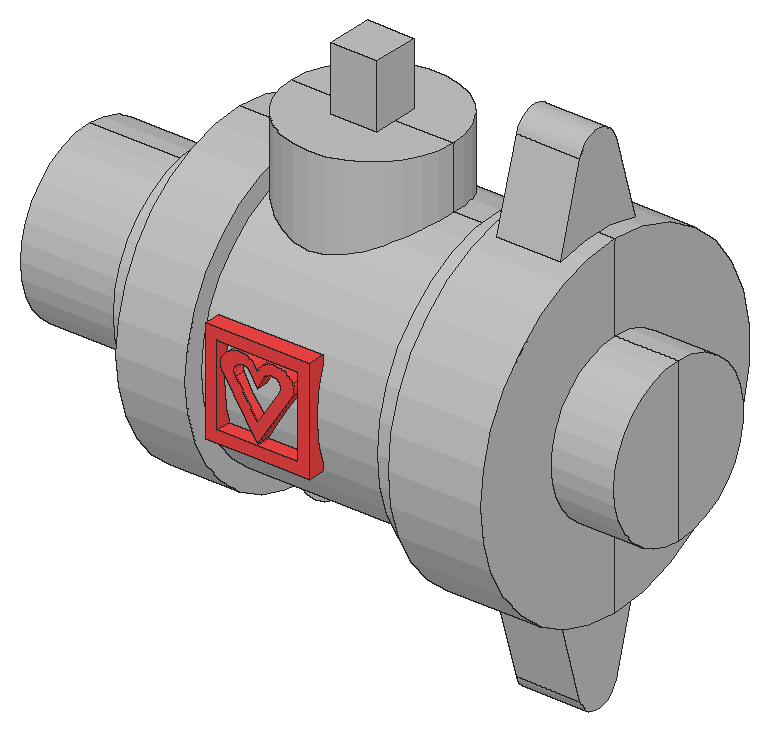
Revit family "Boiler filling and draining valve 2512 11", category Rohrzubehör, Revit 2019
Family settings
  Bemaßung runder Anschluss = Durchmesser verwenden
  Teiletyp = Normal
  OmniClass-Nummer = 23.65.55.14
  OmniClass-Titel = Valves for Liquid Services
  Arbeitsebenenbasiert = Nein
  Immer vertikal = Ja
  Beim Laden mit Abzugskörper schneiden = Nein
  Gemeinsam genutzt = Nein
Parameters
  min. Operating temperature = -30 °C  # constant formula
  max. Operating temperature = 110 °C  # constant formula
  max. Operating pressure = 1000000.0 Pa  # constant formula
  URL = "www.herzvalves.com"
  Spindle = "brass CW614N "  # constant formula
  SCTWSEQ = "ENT;AO;1"
  SCTWCODE = "01;10;01"  # constant formula
  SCRNSEQ = "ARM;ARM_TYP=\"ABSV\";1"
  SCRNCODE = "05;08;01"  # constant formula
  S04 = 45.000 mm  # constant formula
  S03 = 16.000 mm  # constant formula
  S02 = L00 - L01  # 24.500 mm
  S01 = L00 + (L09 - L05)  # 51.000 mm
  R99 = 2.000 mm  # constant formula
  R01 = 7.000 mm  # constant formula
  Part number [instance] = if(Nennweite = 15.000 mm, 1251211, 0)  # 1251211
  Nennweite [instance] = 15.000 mm  # constant formula
  Medium = "heating water according ÖNORM H5195 or VDI-Standard 2035.\r\nthe use of ethylene, or propylene glycol in a mixing ratio 25-50% is allowed."
  L10 = L01 - L05 + 1.000 mm  # 14.000 mm
  L09 = 13.500 mm  # constant formula
  L08 = 8.000 mm  # constant formula
  L07 = 4.000 mm  # constant formula
  L06 = 19.000 mm  # constant formula
  L05 = 6.500 mm  # constant formula
  L04 = 9.500 mm  # constant formula
  L03 = 8.500 mm  # constant formula
  L02 = 13.000 mm  # constant formula
  L01 = 19.500 mm  # constant formula
  L00 = 44.000 mm  # constant formula
  Ball = "forged brass CW617N, full bore, surface chrome plated"  # constant formula
  Hersteller = "Herz-Armaturen GmbH"  # constant formula
  H00 = 17.000 mm  # constant formula
  Body = "forged brass CW617N "  # constant formula
  G02 = 13.200 mm  # constant formula
  G01 [instance] = Nennweite / 2  # 7.500 mm
  Sealings = "ball: PTFE; spindle: PTFE "  # constant formula
  D08 = 7.000 mm  # constant formula
  D07 = 14.500 mm  # constant formula
  D06 = 12.100 mm  # constant formula
  D05 = 13.400 mm  # constant formula
  D04 = 11.100 mm  # constant formula
  D03 = 11.700 mm  # constant formula
  D02 = 9.300 mm  # constant formula
  D01 [instance] = G01 - 1.500 mm  # 6.000 mm
  Application = "the drain valves are installed as valves to fill and drain systems.\r\nfields of application are building services, such as in heating or chilled water plant in buildings.\r\naromatic chlorinated hydrocarbons such as natural gas or petroleum occurring in, destroy the EPDM seals."
Reference planes
  plane 1 "Mitte (Vorne/hinten)": y = 0
  plane 2: z = 0
  plane 3 "Mitte (Links/rechts)": x = 0
Forms (mm)
  Revolve 1, solid, material "Messing vernickelt", detail levels fine
    sketch origin (0, 0, 0) x (1, 0, 0) y (0, 0, 1)
      loop
        line (-18, 0) -> (13, 0) -> (13, 11.1) -> (19.5, 11.1) -> (19.5, 13.2) -> (11, 13.2) -> (11, 11.7) -> (-5.5, 11.7) -> (-5.5, 13.4) -> (-11.5, 13.4) -> (-11.5, 9.3) -> (-15, 9.3) -> (-15, 7.5) -> (-24.5, 7.5) -> (-24.5, 6) -> (-18, 6) -> (-18, 0)
      axis (-24.5, 0) -> (19.5, 0)
    angle from 0 to 360
  Extrusion 2, solid, material "Messing vernickelt", detail levels fine
    sketch origin (0, 0, 0) x (1, 0, 0) y (0, 0, 1)
      loop
        line (-2, -12.1) -> (-2, -11.3) -> (-5.52, -11.3) -> (-5.52, -13.4)
        arc (-5.52, -13.4) -> (-3.307, -13.976) -> (-2, -12.1) r 2
    from 1 to -1
  Revolve 3, solid, material "Messing vernickelt", detail levels fine
    sketch origin (0, 0, 0) x (1, 0, 0) y (0, 0, 1)
      loop
        line (0, 0) -> (0, 17) -> (-7, 17) -> (-7, 0) -> (0, 0)
      axis (0, 17) -> (0, 0)
    angle from 0 to 360
  Extrusion 4, solid, material "Messing vernickelt", detail levels fine
    sketch origin (0, 0, 0) x (1, 0, 0) y (0, 1, 0)
      loop
        line (-2, 2) -> (-2, -2) -> (2, -2) -> (2, 2) -> (-2, 2)
    from 17 to 22.5
  Revolve 5, solid, material "Messing vernickelt", detail levels fine
    sketch origin (0, 0, 0) x (1, 0, 0) y (0, 0, 1)
      loop
        line (13, 14.5) -> (13, 13.2) -> (19.5, 13.2) -> (19.5, 0) -> (26.5, 0) -> (26.5, 7) -> (21, 7) -> (21, 14.5) -> (13, 14.5)
      axis (13, 0) -> (26.5, 0)
    angle from 0 to 360
  Extrusion 6, solid, material "Messing vernickelt", detail levels fine
    sketch origin (0, 0, 0) x (0, 1, 0) y (0, 0, 1)
      loop
        line (4, 13.937) -> (1.92, 21.061)
        arc (1.92, 21.061) -> (0, 22.5) -> (-1.92, 21.061) r 2
        line (-1.92, 21.061) -> (-4, 13.937)
        arc (-4, 13.937) -> (0, 14.5) -> (4, 13.937) r 14.5
      loop
        arc (4, -13.937) -> (0, -14.5) -> (-4, -13.937) r 14.5
        line (-4, -13.937) -> (-1.92, -21.061)
        arc (-1.92, -21.061) -> (0, -22.5) -> (1.92, -21.061) r 2
        line (1.92, -21.061) -> (4, -13.937)
    from 14 to 19.5
Lines and regions (mm)
  model lines, detail levels coarse+medium
    curve 1: line (-24.5, 0, 0) -> (26.5, 0, 0)
    curve 2: line (16, 0, 22.5) -> (16, 0, -22.5)
    curve 3: line (16, -22.5, 0) -> (16, 22.5, 0)
Dimensions and locks
  "L00": Revolve 1 sketch curve to Revolve 1 sketch curve
  "L03": Revolve 1 sketch curve to Revolve 1 sketch curve
  "L05": Revolve 1 sketch curve to Revolve 1 sketch curve  (x2)
  "L01": Revolve 1 sketch curve to plane 3 "Mitte (Links/rechts)"
  "L04": Revolve 1 sketch curve to Revolve 1 sketch curve
  "L02": Revolve 1 sketch curve to Revolve 1 sketch curve
  "D01": Revolve 1 sketch curve to plane 2
  "G01": Revolve 1 sketch curve to plane 2
  "D04": Revolve 1 sketch curve to plane 2
  "D02": Revolve 1 sketch curve to plane 2
  "G02": Revolve 1 sketch curve to plane 2
  "D03": Revolve 1 sketch curve to plane 2
  "D05": Revolve 1 sketch curve to plane 2
  "L06": Revolve 1 sketch curve to Revolve 1 sketch curve
  "L07": plane 3 "Mitte (Links/rechts)" to Extrusion 2 sketch curve
  "D06": plane 2 to Extrusion 2 sketch curve
  "R01": plane 3 "Mitte (Links/rechts)" to Revolve 3 sketch curve
  "H00": Revolve 3 sketch curve to plane 2
  "G02": Revolve 5 sketch curve to plane 2
  "D07": Revolve 5 sketch curve to plane 2
  "L01": plane 3 "Mitte (Links/rechts)" to Revolve 5 sketch curve
  "L05": Revolve 5 sketch curve to Revolve 1
  "L08": Revolve 5 sketch curve to Revolve 5 sketch curve
  "D08": Revolve 5 sketch curve to plane 2
  "L09": Revolve 5 sketch curve to Revolve 5 sketch curve
  "L10": plane 3 "Mitte (Links/rechts)" to Extrusion 6
  "S01": curve 1 to curve 1
  "S03": plane 3 "Mitte (Links/rechts)" to curve 2
  "S02": plane 3 "Mitte (Links/rechts)" to curve 1
  equal spacing: curve 2, plane 2, curve 2
  "S04": curve 2 to curve 2
  "S04": curve 3 to curve 3
  equal spacing: curve 3, plane 1 "Mitte (Vorne/hinten)", curve 3
  "S03": plane 3 "Mitte (Links/rechts)" to curve 3
  "D03": nested 1 to plane 1 "Mitte (Vorne/hinten)"
  "R99": radius of Extrusion 2 sketch curve
  aligned and locked: level to plane 2
Automatic sketch dimensions
  plane 1 "Mitte (Vorne/hinten)" to Extrusion 4 sketch curve = 2.000 mm
  plane 3 "Mitte (Links/rechts)" to Extrusion 4 sketch curve = 2.000 mm
  Extrusion 4 sketch curve to plane 1 "Mitte (Vorne/hinten)" = 2.000 mm
  Extrusion 4 sketch curve to plane 3 "Mitte (Links/rechts)" = 2.000 mm
  Extrusion 6 sketch curve to Extrusion 6 sketch curve = 0.000 mm  (x2)
  Extrusion 6 sketch curve to plane 1 "Mitte (Vorne/hinten)" = 0.000 mm  (x3)
  Extrusion 6 sketch curve to level = 0.000 mm
  plane 1 "Mitte (Vorne/hinten)" to Extrusion 6 sketch curve = 1.920 mm  (x2)
  plane 1 "Mitte (Vorne/hinten)" to Extrusion 6 sketch curve = 4.000 mm  (x2)
  Extrusion 6 sketch curve to plane 1 "Mitte (Vorne/hinten)" = 1.920 mm  (x2)
  Extrusion 6 sketch curve to plane 1 "Mitte (Vorne/hinten)" = 4.000 mm  (x2)
  Extrusion 6 sketch curve to level = 13.937 mm
  Extrusion 6 sketch curve to Extrusion 6 sketch curve = 6.563 mm  (x2)
  Extrusion 6 sketch curve to Extrusion 6 sketch curve = 0.561 mm  (x2)
  level to Extrusion 6 sketch curve = 13.937 mm
  curve 1 to level = 0.000 mm
  Revolve 1 sketch curve to level = 0.000 mm  (x2)
  Revolve 1 sketch curve to Revolve 1 sketch curve = 1482.030 mm
  Revolve 1 sketch curve to Revolve 1 sketch curve = 1819.648 mm
  Extrusion 2 sketch curve to Extrusion 2 sketch curve = 1.520 mm
  Extrusion 2 sketch curve to Extrusion 2 sketch curve = 0.800 mm
  Revolve 3 sketch curve to level = 0.000 mm
  Revolve 3 sketch curve to plane 3 "Mitte (Links/rechts)" = 0.000 mm  (x2)
  Revolve 3 sketch curve to level = 366.045 mm
  Revolve 3 sketch curve to Revolve 3 sketch curve = 2197.315 mm
  Revolve 5 sketch curve to level = 0.000 mm  (x2)
  Revolve 5 sketch curve to plane 3 "Mitte (Links/rechts)" = 1506.530 mm
  Revolve 5 sketch curve to Revolve 5 sketch curve = 1812.648 mm
Nested families
  nested 1: "Herz-Logo-vorne" at (0, -11.7, 0) x (0, 1, 0) z (0, 0, 1), type "Herz-Logo-vorne"
Connectors
  piping at (-24.5, 0, 0), diameter 15, driven by "Nennweite"
    settings: on Revolve 1, index 1, connector inside diameter 609.6 mm, connector length 0.000 mm, flow factor 0, pipe flow 0.0 L/s, pressure drop 0.0 Pa, fitting loss kfactor 0, connector angle 0.00°, fixture units 0, engagement length 0.000 mm, angle of deflection 0.00°, flow configuration 0, flow direction 0, fitting loss method 0, system type 29, joint type 0, gender type 0, connector reference index -1, connector utility 0, adjustable connector no, is connector primary yes, connector description ""
Definition of nested family "Herz-Logo-vorne"
  Reference planes
    plane 1 "Mitte (Vorne/hinten)": y = 0
    plane 2: z = 0
    plane 3 "Mitte (Links/rechts)": x = 0
  Forms (mm)
    Extrusion 1, solid
      sketch origin (0.732, -0.018, 0.017) x (0, -1, 0) y (0, 0, 1)
        loop
          line (-0.018, -4.517) -> (4.482, -4.517) -> (4.482, 4.483) -> (-4.518, 4.483) -> (-4.518, -4.517) -> (-0.018, -4.517)
        loop
          line (-0.05, -3.48) -> (3.482, -3.48) -> (3.482, 3.483) -> (-3.518, 3.483) -> (-3.518, -3.48) -> (-0.05, -3.48)
        loop
          arc (-0.018, 2.383) -> (-1.543, 3.287) -> (-3.067, 2.383) r 1.738
          arc (-3.067, 2.383) -> (-3.191, 1.899) -> (-3.067, 1.415) r 1.009
          line (-3.067, 1.415) -> (-0.018, -3.281) -> (3.032, 1.415)
          arc (3.032, 1.415) -> (3.156, 1.899) -> (3.032, 2.383) r 1.009
          arc (3.032, 2.383) -> (1.507, 3.287) -> (-0.018, 2.383) r 1.738
        loop
          arc (1.885, 1.272) -> (2.005, 1.675) -> (1.885, 2.079) r 0.74
          arc (1.885, 2.079) -> (1.265, 2.416) -> (0.644, 2.079) r 0.74
          line (0.644, 2.079) -> (-0.018, 0.97) -> (-0.679, 2.079)
          arc (-0.679, 2.079) -> (-1.3, 2.416) -> (-1.921, 2.079) r 0.74
          arc (-1.921, 2.079) -> (-2.04, 1.675) -> (-1.921, 1.272) r 0.74
          line (-1.921, 1.272) -> (-0.018, -1.658) -> (1.885, 1.272)
      from 0 to 1.5
  Dimensions and locks
    aligned and locked: level to plane 2
